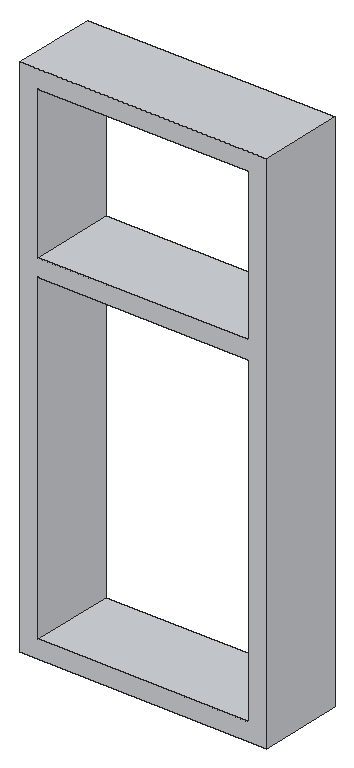
Revit family "Window_test", category 窗, Revit 2025
Family settings
  主体 = 墙
  OmniClass 编号 = 23.30.20.00
  OmniClass 标题 = Windows
  总是垂直 = 是
  载入时剪切的空心 = 否
  共享 = 否
  房间计算点 = 否
Parameters
  高度 = 1500 mm
  默认窗台高度 [instance] = 800 mm
  墙闭合 = 按主体
  宽度 = 800 mm
  liangzi_height [instance] = 480 mm
  AI_Width [instance] = 700 mm
  AI_Height [instance] = 1500 mm
Reference planes
  plane 1 "中心(前/后)": y = 0
  plane 2 "中心(左/右)": x = 0
  plane 3 "左": x = -350
  plane 4 "右": x = 350
  plane 5 "窗台": z = 800
  plane 6 "水头": z = 2300
  plane 7 "外部": y = 100
  plane 8 "内部": y = -100
  plane 9: z = 1820
Forms (mm)
  Extrusion 1, solid
    sketch origin (0, 0, 0) x (1, 0, 0) y (0, 0, 1)
      loop
        line (-350, 2300) -> (-350, 800) -> (350, 800) -> (350, 2300) -> (-350, 2300)
      loop
        line (-300, 2250) -> (-300, 1820) -> (300, 1820) -> (300, 2250) -> (-300, 2250)
      loop
        line (300, 850) -> (300, 1770) -> (-300, 1770) -> (-300, 850) -> (300, 850)
    from -120 to 120
Lines and regions (mm)
  Opening 1
    outline origin (3500, -100, 0) x (1, 0, 0) y (0, 0, 1)
      loop
        line (-3150, 800) -> (-3150, 2300) -> (-3850, 2300) -> (-3850, 800) -> (-3150, 800)
Text (mm)
  text "外部" at (-1963.203, 1332.353, 0), in view "参照标高"
  text "内部" at (-1981.466, -818.386, 0), in view "参照标高"
  text "外部" at (0, 923.751, 2943.296), in view "右"
  text "外部" at (0, 1040.484, 2685.409), in view "左"
Dimensions and locks
  equal spacing: plane 3 "左", plane 2 "中心(左/右)", plane 4 "右"
  "AI_Width": plane 3 "左" to plane 4 "右"
  "AI_Height": plane 5 "窗台" to plane 6 "水头"
  "默认窗台高度": plane 5 "窗台" to level
  locked: plane 7 "外部" to host wall
  locked: plane 8 "内部" to host wall
  "liangzi_height": plane 6 "水头" to plane 9
  aligned and locked: Extrusion 1 sketch curve to host wall  (x4)
Automatic sketch dimensions
  Opening 1 sketch curve to plane 3 "左" = 0 mm
  Opening 1 sketch curve to plane 4 "右" = 0 mm
  Opening 1 sketch curve to plane 5 "窗台" = 0 mm
  Opening 1 sketch curve to plane 6 "水头" = 0 mm
  Extrusion 1 sketch curve to plane 3 "左" = 50 mm
  Extrusion 1 sketch curve to plane 5 "窗台" = 50 mm
  plane 6 "水头" to Extrusion 1 sketch curve = 50 mm
  Extrusion 1 sketch curve to plane 9 = 50 mm
  Extrusion 1 sketch curve to Extrusion 1 sketch curve = 0 mm  (x2)
  Extrusion 1 sketch curve to plane 9 = 0 mm
  plane 4 "右" to Extrusion 1 sketch curve = 50 mm
